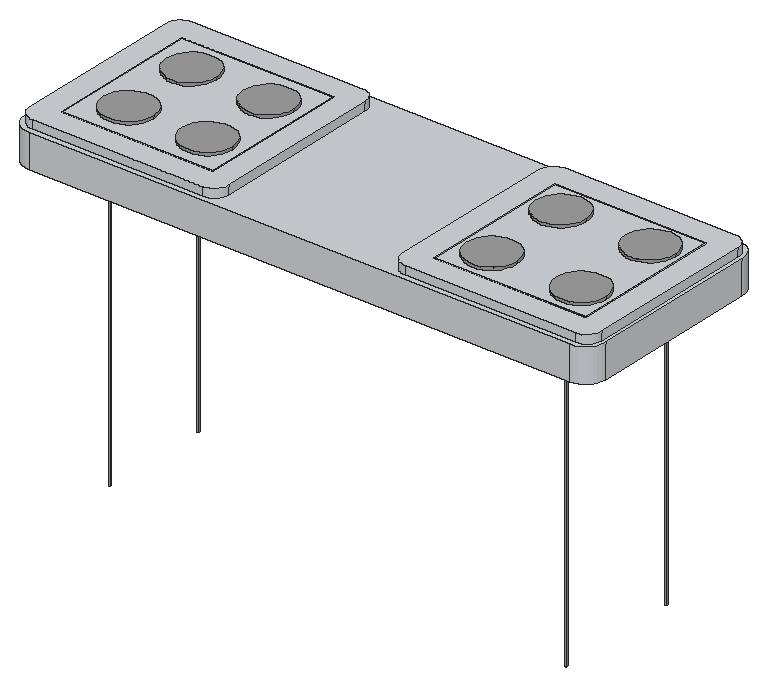
Revit family "Lighting-Industriale-GEWISS-SMART[4]HT_APPARECCHI-LED_2M", category Apparecchi per illuminazione, Revit 2019
Family settings
  Quota connettore circolare = Usa diametro
  Tipo di parte = Normale
  Numero OmniClass = 23.80.70.00
  Titolo OmniClass = Lighting
  Basato su piano di lavoro = Sì
  Sempre verticale = No
  Taglio con vuoti quando caricato = No
  Sorgente d'illuminazione = No
  Condiviso = No
  Punto di calcolo locali = No
Parameters (values of type "GWS4220CQ857 - SMART4HB 2M ST.AL.ON/OFF HT ELL.57K")
  Voltaggio = 230 V
  Viti esterne = "Acciaio inox"
  Versione file RFA = "20.11"
  Vano di alimentazione = "Integrato"
  URL = "https://www.gewiss.com/it/it"
  Tolleranza cromatica = "SDCM = 3"
  Tipologia sorgente luminosa = "LED - Non sostituibile"
  Tipo di installazione e montaggio = "Plafone - Parete - Sospensione"
  Tipo di apparecchio = "Riflettore industriale a LED&nbsp;"
  Tensione di alimentazione = "220 - 240 V"
  Temperatura di stoccaggio = "-40 +70 °C"
  Temperatura di esercizio = "-30°C ÷ +60 °C"
  Temperatura di colore = "5700K"
  Superficie massima esposta al vento : = "0,184 m²"
  Spostamento_y_etichetta [instance] = 0 mm
  Spostamento_y_effettivo_etichetta [instance] = 1500 mm - Spostamento_y_etichetta  # 1500 mm
  Spostamento_x_etichetta [instance] = 0 mm
  Spostamento_X_effettivo_etichetta [instance] = 1500 mm - Spostamento_x_etichetta  # 1500 mm
  SostituibilitÃ  piastra di cablaggio = "Non sostituibile"
  SostituibilitÃ  gruppo ottico = "Non sostituibile"
  Sistema di controllo : = "ON / OFF"
  Sistema di controllo = "ON / OFF"
  Schermo = "Vetro Temprato Spessore 4mm"
  Scheda Tecnica = "https://www.gewiss.com/it/it/search?q=GWS4220CQ857"
  SEO = "High bay"
  Resistenza al filo incandescente = "850 °C"
  Resistenza agli urti = "IK08"
  Produttore = "GEWISS S.p.A."
  Potenza di sistema = "95W"
  Peso (kg): = "6,5"
  Ottica = "Ellittica"
  Offset etichetta W [instance] = 150 mm
  Norma di riferimento = "EN 60598-1 ; EN 60598-2-1 ; EN 60598-2-24"
  Modello = "GWS4220CQ857"
  Materiali = "-"
  Lumen output (lm) = "12300"
  Lampada = "LED"
  Installazione e manutenzione = "-"
  Informazioni generali = "-"
  Indice di resa cromatica = "CRI-80"
  Inclinazione = "Con accessorio staffa"
  Immagine tipo = GWL1311.jpg
  IPEA = "-"
  IFC.TypeObject = ""
  IFC.ExportType = ""
  IFC.ExportAs = ""
  IDT = "49c3e8f37ff04899ac4930bfed1f69ff"
  IDF = "0b8887e8-d9e7-4aa7-96f8-662feaddc128"
  Guarnizioni = "tipo siliconico antinvecchiamento "
  Gruppo ottico = "Riflettore in PC metallizzato e lenti in PMMA"
  Grado di protezione = "IP66"
  Garanzia = "5 anni"
  Gancio di chiusura = "-"
  Frequenza nominale (Hz) = "50/60 Hz"
  Fissaggio = "-"
  Finitura colore = "Grigio RAL 7035"
  Etichetta wattaggio [instance] = yes
  Trasformatore = none
  Struttura plafoniera = none
  Spessore plafoniera = 40 mm  # constant formula
  Default Elevation = 1219.2 mm  # constant formula
  Proiettsmart2_simb [instance] = yes
  Plafoniera bidimensionale [instance] = not(Proiettsmart2_simb)  # no
  Efficienza luminosa (lm/W) = "129"
  Durata di vita = "L90B10 (Tq+25°C) = 100.000 h - L90B10 (Tq+60°C) = 50.000 h"
  Dispositivo di protezione = "DM 6 kV / CM 10 kV"
  Descrizione = "SMART[4]HB 2M ST.AL.ON/OFF HT ELL.57K"
  Creato da GEWISS S.p.A. = ""
  Corpo = "PA6 “Halogen Free” caricato fibra vetro"
  Controllo abbagliamento e luminanza = "-"
  Contesto = "Illuminazione di logistiche e locali produttivi industriali"
  Commenti sul wattaggio = "97W"
  Colore = "Grigio RAL 7035"
  Codice digitale univoco (Datamatrix) = "Datamatrix"
  Codice Electrocod = "2444"
  Classificazione: = "-"
  Classificazione = Lighting
  Classe isolamento = "I"
  Classe fotobiologica = "RG0"
  Certificazioni e classificazioni = "-"
  Certificazione DIN 18032-3 = "-"
  Catalogo = "LIGHTING"
  Carico apparente = 97 VA
  Motore = none
  Mascherina = none
  Lunghezza = 699 mm  # constant formula
  Larghezza = 254 mm  # constant formula
  Distanza_tot_plafoniera [instance] = 350 mm
  Dist_sorg_lum = 10 mm  # constant formula
  Caratteristiche ottiche e illuminotecniche = "-"
  Caratteristiche elettriche e gestione della luce = "-"
  Cablaggio = "Con connettore stagno Gw connect"
  COBie.Tagnumber = ""
  COBie.CreatedOn = ""
  COBie.CreatebBy = ""
  COBie.ComponentRegisterItemID = ""
  COBie.Component.TagNumber = ""
  COBie.Component.Space = ""
  COBie.Component.SerialNumber = ""
  COBie.Component.InstallationDate = ""
  COBie.Component.Description = ""
  COBie.Component.BarCode = ""
  Applicazione = "Interno"
  Apparecchio a ridotta temperatura superficiale = "Si"
  Alimentatore = "Incluso"
Types (8, lengths in mm): name | Temperatura di colore | Scheda Tecnica | SEO | Ottica | Modello | Lumen output (lm) | IDT | Gruppo ottico | Efficienza luminosa (lm/W) | Descrizione | Controllo abbagliamento e luminanza
  GWS4220CH840 - SMART4HB 2M ST.AL.ON/OFF HT 60° 40K | "4000K" | "https://www.gewiss.com/it/it/search?q=GWS4220CH840" | "" | "60°" | "GWS4220CH840" | "13800" | "032348fbbadd4e61adee6f9b35df2f57" | "Riflettore in PC metallizzato e lenti in PMMA" | "145" | "SMART[4]HB 2M ST.AL.ON/OFF HT 60° 40K" | "UGR - 22"
  GWS4220CH857 - SMART4HB 2M ST.AL.ON/OFF HT 60° 57K | "5700K" | "https://www.gewiss.com/it/it/search?q=GWS4220CH857" | "" | "60°" | "GWS4220CH857" | "13800" | "f90f21b9aa8e4c868bb57ac0909551c6" | "Riflettore in PC metallizzato e lenti in PMMA" | "145" | "SMART[4]HB 2M ST.AL.ON/OFF HT 60° 57K" | "UGR - 22"
  GWS4220CP840 - SMART4HB 2M ST.AL.ON/OFF HT 90° 40K | "4000K" | "https://www.gewiss.com/it/it/search?q=GWS4220CP840" | "" | "90°" | "GWS4220CP840" | "13900" | "1f7033b1545a49e28696d86cfd12ef8d" | "Riflettore in PC metallizzato e lenti in PMMA" | "146" | "SMART[4]HB 2M ST.AL.ON/OFF HT 90° 40K" | "UGR - 22"
  GWS4220CP857 - SMART4HB 2M ST.AL.ON/OFF HT 90° 57K | "5700K" | "https://www.gewiss.com/it/it/search?q=GWS4220CP857" | "" | "90°" | "GWS4220CP857" | "13900" | "eee74155124d421e98292017676cf887" | "Riflettore in PC metallizzato e lenti in PMMA" | "146" | "SMART[4]HB 2M ST.AL.ON/OFF HT 90° 57K" | "UGR - 22"
  GWS4220CA840 - SMART4HB 2M ST.AL.ON/OFF HT ARR.40K | "4000K" | "https://www.gewiss.com/it/it/search?q=GWS4220CA840" | "High bay" | "Array" | "GWS4220CA840" | "13800" | "97622a1e53d74260821b7fd23619bd86" | "Riflettore in PC metallizzato" | "145" | "SMART[4]HB 2M ST.AL.ON/OFF HT ARR.40K" | "UGR - 25"
  GWS4220CA857 - SMART4HB 2M ST.AL.ON/OFF HT ARR.57K | "5700K" | "https://www.gewiss.com/it/it/search?q=GWS4220CA857" | "High bay" | "Array" | "GWS4220CA857" | "13800" | "2d03557c56734ff393c7910ae70ae4db" | "Riflettore in PC metallizzato" | "145" | "SMART[4]HB 2M ST.AL.ON/OFF HT ARR.57K" | "UGR - 25"
  GWS4220CQ840 - SMART4HB 2M ST.AL.ON/OFF HT ELL.40K | "4000K" | "https://www.gewiss.com/it/it/search?q=GWS4220CQ840" | "High bay" | "Ellittica" | "GWS4220CQ840" | "12300" | "534499056d164e008ffe52dd9cf93aa9" | "Riflettore in PC metallizzato e lenti in PMMA" | "129" | "SMART[4]HB 2M ST.AL.ON/OFF HT ELL.40K" | "-"
  GWS4220CQ857 - SMART4HB 2M ST.AL.ON/OFF HT ELL.57K | "5700K" | "https://www.gewiss.com/it/it/search?q=GWS4220CQ857" | "High bay" | "Ellittica" | "GWS4220CQ857" | "12300" | "49c3e8f37ff04899ac4930bfed1f69ff" | "Riflettore in PC metallizzato e lenti in PMMA" | "129" | "SMART[4]HB 2M ST.AL.ON/OFF HT ELL.57K" | "-"
Reference planes
  plane 1 "Asse sorgente illuminazione (F/B)": y = 0
  plane 2: z = 0
  plane 3 "Asse sorgente illuminazione (L/R)": x = 0
  plane 4 "Prospetto sorgente di illuminazione": z = 1500
  plane 5: x = -349.5
  plane 6: y = 127
  plane 7: x = 349.5
  plane 8: y = -127
  plane 9: x = 344.5
  plane 10: x = -344.5
  plane 11: x = -104.5
  plane 12: x = 104.5
  plane 13: y = -1500
  plane 14: z = 390
  plane 15: z = 390
  plane 16: z = 400
  plane 17: z = 350
  plane 18: y = 0
  plane 19: x = -1500
  plane 20: x = 0
Dimensions and locks
  equal spacing: plane 6, plane 1 "Asse sorgente illuminazione (F/B)", plane 8
  "Larghezza": plane 6 to plane 8
  equal spacing: plane 5, plane 3 "Asse sorgente illuminazione (L/R)", plane 7
  "Lunghezza": plane 5 to plane 7
  locked: plane 5 to plane 10 at 5
  locked: plane 9 to plane 7 at 5
  locked: plane 16 to plane 14 at 10
  locked: plane 15 to plane 17 at 40
  "Distanza_tot_plafoniera": plane 17 to plane 2
  plane 1 "Asse sorgente illuminazione (F/B)" to plane 13 = 1500 mm
  "Spostamento_y_effettivo_etichetta": plane 18 to plane 13
  plane 19 to plane 3 "Asse sorgente illuminazione (L/R)" = 1500 mm
  "Spostamento_X_effettivo_etichetta": plane 19 to plane 20
  aligned and locked: level to plane 2
  aligned and locked: nested 15 to plane 14
  aligned and locked: plane 14 to nested 16
  aligned and locked: plane 16 to nested 8
  aligned and locked: nested 6 to plane 16
  aligned and locked: plane 16 to nested 7
  aligned and locked: nested 5 to plane 16
  aligned and locked: nested 3 to plane 16
  aligned and locked: plane 16 to nested 1
  aligned and locked: nested 4 to plane 16
  aligned and locked: plane 16 to nested 2
  aligned and locked: nested 11 to plane 2  (x2)
  aligned and locked: nested 10 to plane 2
  aligned and locked: nested 9 to plane 2
  aligned and locked: plane 14 to plane 15
  aligned and locked: plane 17 to nested 14
  aligned and locked: nested 17 to plane 18
  aligned and locked: nested 17 to plane 20
  aligned and locked: plane 2 to nested 18
  aligned and locked: plane 2 to nested 11
Nested families
  nested 1: "Gewis - Led" at (171.717, 52, 403), type "Gewis - Led", detail levels medium+fine
  nested 2: "Gewis - Led" at (279.5, 52, 403), type "Gewis - Led", detail levels medium+fine
  nested 3: "Gewis - Led" at (171.717, -52, 403), type "Gewis - Led", detail levels medium+fine
  nested 4: "Gewis - Led" at (279.5, -52, 403), type "Gewis - Led", detail levels medium+fine
  nested 5: "Gewis - Led" at (-174.5, 45, 403) x (-1, 0, 0) z (0, 0, 1), type "Gewis - Led", detail levels medium+fine
  nested 6: "Gewis - Led" at (-269.5, 47.625, 403) x (-1, 0, 0) z (0, 0, 1), type "Gewis - Led", detail levels medium+fine
  nested 7: "Gewis - Led" at (-174.5, -47.089, 403) x (-1, 0, 0) z (0, 0, 1), type "Gewis - Led", detail levels medium+fine
  nested 8: "Gewis - Led" at (-269.5, -47.089, 403) x (-1, 0, 0) z (0, 0, 1), type "Gewis - Led", detail levels medium+fine
  nested 9: "Sospensione_ SMART LAB 4" at (274.838, 81.5, 0), Altezza sospensione <- "Distanza_tot_plafoniera", type "Sospensione_ SMART LAB 4"
    with Altezza sospensione 350 mm, Default Elevation 350 mm
  nested 10: "Sospensione_ SMART LAB 4" at (274.838, -69, 0), Altezza sospensione <- "Distanza_tot_plafoniera", type "Sospensione_ SMART LAB 4"
    with Altezza sospensione 350 mm, Default Elevation 350 mm
  nested 11: "Sospensione_ SMART LAB 4" at (-276.662, -66.5, 0), Altezza sospensione <- "Distanza_tot_plafoniera", type "Sospensione_ SMART LAB 4"
    with Altezza sospensione 350 mm, Default Elevation 350 mm
  nested 12: "PROIETTSMART - 2" at (0, 0, 0), visible <- "Proiettsmart2_simb", type "PROIETTSMART - 2"
  nested 13: "Rappr_ bidimensionale_SMART (4)  4 + 4 L " at (0, 0, 0), visible <- "Plafoniera bidimensionale", type "SMART (4)  4 + 4 L_bidimensionale "
  nested 14: "Struttura_SMART 4" at (0, 0, 390), type "SMART 4 HB - 4+4L"
  nested 15: "mascherina_SMART (4)" at (-224.5, 0, 400) x (-1, 0, 0) z (0, 0, 1), type "Maschera_smart (4) 4L", detail levels fine
  nested 16: "mascherina_SMART (4)" at (224.5, 0, 400), type "Maschera_smart (4) 4L", detail levels fine
  nested 17: "ETICHETTA LIGHT" at (0, 0, 0), type "ETICHETTA LIGHT"
  nested 18: "Sospensione_ SMART LAB 4" at (-276.662, 66.5, 0), Altezza sospensione <- "Distanza_tot_plafoniera", type "Sospensione_ SMART LAB 4"
    with Altezza sospensione 350 mm, Default Elevation 350 mm
Connectors
  electrical at (0.009, -0.098, 350), driven by "Carico apparente"
    settings: on nested 14, index 1, voltage 230 V, apparent load 0 VA, apparent load phase1 97 VA, apparent load phase2 0 VA, apparent load phase3 0 VA, power factor 1, load classification "Lighting", number of poles 2, system type 31, power factor state 1, is connector primary yes, connector utility no, sub classification motor no, connector description ""
Definition of nested family "Gewis - Led"
  Parameters (values of type "Gewis - Led")
    Vetro = none
    Raggio led = 30 mm
    Default Elevation = 1219.2 mm
    Estensione vetro = 3 mm
  Reference planes
    plane 1 "Centro (Fronte/Retro)": y = 0
    plane 2: z = 0
    plane 3 "Centro (Sinistra/Destra)": x = 0
  Forms (mm)
    Extrusion 1, solid, material <- "Vetro"
      sketch origin (0, 0, 0) x (1, 0, 0) y (0, 1, 0)
        loop
          circle (0, 0) r 30
      from -3 to 0
  Dimensions and locks
    "Estensione vetro": level to Extrusion 1
    "Raggio led": radius of Extrusion 1 sketch curve
    aligned and locked: level to plane 2
    aligned and locked: level to Extrusion 1
  Automatic sketch dimensions
    plane 1 "Centro (Fronte/Retro)" to Extrusion 1 sketch curve = 0 mm
    Extrusion 1 sketch curve to plane 3 "Centro (Sinistra/Destra)" = 0 mm
Definition of nested family "Sospensione_ SMART LAB 4"
  Parameters (values of type "Sospensione_ SMART LAB 4")
    Default Elevation = 400 mm
    Altezza sospensione [instance] = 500 mm
  Reference planes
    plane 1 "Center (Front/Back)": y = 0
    plane 2: z = 0
    plane 3 "Center (Left/Right)": x = 0
    plane 4: z = 500
    plane 5: z = 30.7
  Forms (mm)
    Extrusion 1, solid
      sketch origin (0, 0, 0) x (1, 0, 0) y (0, 1, 0)
        loop
          circle (0, -0.028) r 1.25
      from 0 to 500
  Lines and regions (mm)
    model lines, not visible
      curve 1: line (0, 0, 0) -> (0, 0, 9.482)
  Dimensions and locks
    "Altezza sospensione": plane 4 to level
    plane 2 to plane 4 = 500 mm
    aligned and locked: level to plane 2
    aligned and locked: Extrusion 1 to plane 2
    aligned and locked: plane 4 to Extrusion 1
  Automatic sketch dimensions
    Extrusion 1 sketch curve to plane 3 "Center (Left/Right)" = 0 mm
    plane 1 "Center (Front/Back)" to Extrusion 1 sketch curve = 0.028 mm
    curve 1 to plane 3 "Center (Left/Right)" = 0 mm
    curve 1 to level = 0 mm
    curve 1 to curve 1 = 9.482 mm
    radius of Extrusion 1 sketch curve = 1.25 mm
Definition of nested family "Struttura_SMART 4"
  Parameters (values of type "SMART 4 HB - 4+4L")
    Struttura plafoniera = none
    Spessore_plafoniera = 40 mm
    Lunghezza = 699 mm
    Larghezza = 254 mm
  Types (2, lengths in mm): name | Lunghezza | Larghezza
    SMART Lab (4) 4L | 383 | 253
    SMART 4 HB - 4+4L | 699 | 254
  Reference planes
    plane 1 "Asse sorgente illuminazione (F/B)": y = 0
    plane 2: z = 0
    plane 3 "Asse sorgente illuminazione (L/R)": x = 0
    plane 4 "Prospetto sorgente di illuminazione": z = -40
    plane 5 "SX": x = -349.5
    plane 6 "DX": x = 349.5
    plane 7 "DIETRO": y = 127
    plane 8 "AVANTI": y = -127
    plane 9: x = 106.5
    plane 10: x = 338.5
    plane 11: y = -116
    plane 12: y = 116
    plane 13: x = -338.5
    plane 14: x = -106.5
  Forms (mm)
    Extrusion 1, solid, material <- "Struttura plafoniera"
      sketch origin (0, 0, 0) x (1, 0, 0) y (0, 1, 0)
        loop
          line (349.5, -102.595) -> (349.5, 102.59)
          arc (349.5, 102.59) -> (342.35, 119.85) -> (325.09, 127) r 24.41
          line (325.09, 127) -> (-325.009, 127)
          arc (-325.009, 127) -> (-342.554, 119.6) -> (-349.5, 101.871) r 24.499
          line (-349.5, 101.871) -> (-349.5, -102.592)
          arc (-349.5, -102.592) -> (-342.351, -119.851) -> (-325.092, -127) r 24.408
          line (-325.092, -127) -> (325.117, -127)
          arc (325.117, -127) -> (342.334, -119.868) -> (349.465, -102.652) r 24.348
      from -40 to 0
  Dimensions and locks
    equal spacing: plane 5 "SX", plane 3 "Asse sorgente illuminazione (L/R)", plane 6 "DX"
    equal spacing: plane 7 "DIETRO", plane 1 "Asse sorgente illuminazione (F/B)", plane 8 "AVANTI"
    "Lunghezza": plane 5 "SX" to plane 6 "DX"
    "Larghezza": plane 7 "DIETRO" to plane 8 "AVANTI"
    locked: plane 7 "DIETRO" to plane 12 at 11
    locked: plane 11 to plane 8 "AVANTI" at 11
    locked: plane 10 to plane 6 "DX" at 11
    locked: plane 9 to plane 10 at 232
    plane 13 to plane 14 = 232 mm
    locked: plane 5 "SX" to plane 13 at 11
    "Spessore_plafoniera": plane 2 to plane 4 "Prospetto sorgente di illuminazione"
    aligned and locked: level to plane 2
    aligned and locked: Extrusion 1 to plane 5 "SX"
    aligned and locked: Extrusion 1 to plane 8 "AVANTI"  (x2)
    aligned and locked: plane 7 "DIETRO" to Extrusion 1
    aligned and locked: plane 6 "DX" to Extrusion 1
    aligned and locked: plane 4 "Prospetto sorgente di illuminazione" to Extrusion 1
    aligned and locked: plane 2 to Extrusion 1
  Automatic sketch dimensions
    Extrusion 1 sketch curve to plane 5 "SX" = 0 mm
    Extrusion 1 sketch curve to plane 8 "AVANTI" = 0 mm
    Extrusion 1 sketch curve to plane 7 "DIETRO" = 0 mm
    Extrusion 1 sketch curve to plane 6 "DX" = 0 mm
    plane 13 to Extrusion 1 sketch curve = 13.408 mm
    plane 13 to Extrusion 1 sketch curve = 13.491 mm
    Extrusion 1 sketch curve to plane 10 = 13.41 mm
    Extrusion 1 sketch curve to plane 10 = 13.383 mm
    plane 11 to Extrusion 1 sketch curve = 13.348 mm
    Extrusion 1 sketch curve to plane 12 = 14.129 mm
    Extrusion 1 sketch curve to Extrusion 1 sketch curve = 0.056 mm
Definition of nested family "mascherina_SMART (4)"
  Parameters (values of type "Maschera_smart (4) 4L")
    Spessore_mascherina = 10 mm
    Default Elevation = 1219.2 mm
    N.intarsi = (Lunghezza_mascherina - (Bordo * 2)) / 15 mm  # 12
    N._intarsi verticale = (Larghezza_mascherina - (Bordo * 2)) / 17 mm  # 11
    Mascherina = none
    Lunghezza_mascherina = 240 mm
    Larghezza_mascherina = 240 mm
    Distanza_intarsi v. = 41 mm  # constant formula
    Distanza_intarsi = 37 mm  # constant formula
    Bordo = 29 mm
  Reference planes
    plane 1 "Centro (Fronte/Retro)": y = 0
    plane 2: z = 0
    plane 3 "Centro (Sinistra/Destra)": x = 0
    plane 4: x = -120
    plane 5 "Dietro": y = 120
    plane 6: x = 120
    plane 7: y = -120
    plane 8: x = -91
    plane 9: y = -91
    plane 10: x = 91
    plane 11: y = 91
    plane 12: x = -83
    plane 13: y = 94.742
    plane 14: y = -95
    plane 15: z = -10
    plane 16: x = -95
    plane 17: y = 79
    plane 18: y = -79
    plane 19: x = 95
    plane 20: z = -4.799
  Forms (mm)
    Extrusion 1, solid, material <- "Mascherina"
      sketch origin (0, 0, 0) x (1, 0, 0) y (0, 1, 0)
        loop
          arc (-102.5, 120) -> (-114.874, 114.874) -> (-120, 102.5) r 17.5
          line (-120, 102.5) -> (-120, -102.5)
          arc (-120, -102.5) -> (-114.874, -114.874) -> (-102.5, -120) r 17.5
          line (-102.5, -120) -> (102.5, -120)
          arc (102.5, -120) -> (114.874, -114.874) -> (120, -102.5) r 17.5
          line (120, -102.5) -> (120, 102.5)
          arc (120, 102.5) -> (114.874, 114.874) -> (102.5, 120) r 17.5
          line (102.5, 120) -> (-102.5, 120)
        loop
          line (-91, 91) -> (-91, -91) -> (91, -91) -> (91, 91) -> (-91, 91)
      from -10 to 0
    Extrusion 2, solid, material <- "Mascherina"
      sketch origin (0, 0, 0) x (1, 0, 0) y (0, 1, 0)
        loop
          line (-91, 91) -> (-91, -91) -> (91, -91) -> (91, 91) -> (-91, 91)
      from -4.799 to 0
  Dimensions and locks
    equal spacing: plane 4, plane 3 "Centro (Sinistra/Destra)", plane 6
    "Lunghezza_mascherina": plane 4 to plane 6
    equal spacing: plane 5 "Dietro", plane 1 "Centro (Fronte/Retro)", plane 7
    "Larghezza_mascherina": plane 5 "Dietro" to plane 7
    "Bordo": plane 4 to plane 8
    "Bordo": plane 9 to plane 7
    "Bordo": plane 5 "Dietro" to plane 11
    "Bordo": plane 10 to plane 6
    "Distanza_intarsi": plane 4 to plane 12
    locked: plane 13 to plane 11 at 3.742
    "Spessore_mascherina": plane 2 to plane 15
    "Distanza_intarsi v.": plane 5 "Dietro" to plane 17
    "Distanza_intarsi v.": plane 18 to plane 7
    locked: plane 9 to plane 14 at 4
    locked: plane 16 to plane 8 at 4
    locked: plane 10 to plane 19 at 4
    locked: plane 2 to plane 20 at 4.799
    radius of Extrusion 1 sketch curve = 17.5 mm  (x4)
    aligned and locked: level to plane 2
    aligned and locked: plane 4 to Extrusion 1 sketch curve
    aligned and locked: plane 6 to Extrusion 1 sketch curve
    aligned and locked: Extrusion 1 sketch curve to plane 5 "Dietro"
    aligned and locked: Extrusion 1 sketch curve to plane 7
    aligned and locked: Extrusion 1 sketch curve to plane 11
    aligned and locked: plane 8 to Extrusion 1 sketch curve
    aligned and locked: plane 9 to Extrusion 1 sketch curve
    aligned and locked: Extrusion 1 sketch curve to plane 10
    aligned and locked: plane 2 to Extrusion 1
    aligned and locked: Extrusion 1 to plane 15
    aligned and locked: Extrusion 2 sketch curve to plane 10
    aligned and locked: plane 9 to Extrusion 2 sketch curve
    aligned and locked: plane 8 to Extrusion 2 sketch curve
    aligned and locked: Extrusion 2 sketch curve to plane 11
    aligned and locked: plane 2 to Extrusion 2
    aligned and locked: Extrusion 2 to plane 20
Definition of nested family "PROIETTSMART - 2"
  Reference planes
    plane 1 "Centro (Fronte/Retro)": y = 0
    plane 2: z = 0
    plane 3 "Centro (Sinistra/Destra)": x = 0
  Lines and regions (mm)
    model lines, in view "Livello rif."
      curve 1: line (87.132, -21.515, 0) -> (43.932, -0.008, 0)
      curve 2: line (43.932, -0.008, 0) -> (87.132, 21.758, 0)
      curve 3: line (87.132, 21.758, 0) -> (87.132, -21.515, 0)
      curve 4: line (43.932, 21.629, 0) -> (43.932, -21.645, 0)
      curve 5: line (43.932, -0.008, 0) -> (18.672, -0.008, 0)
      curve 6: line (87.132, 0.122, 0) -> (105.785, 0.122, 0)
      curve 7: line (128.701, 66.747, 0) -> (128.701, -66.747, 0)
      curve 8: line (128.701, -66.747, 0) -> (-131.299, -66.747, 0)
      curve 9: line (-131.299, -66.747, 0) -> (-131.299, 66.747, 0)
      curve 10: line (-131.299, 66.747, 0) -> (128.701, 66.747, 0)
      curve 11: line (12.311, 49.667, 0) -> (111.66, 49.667, 0)
      curve 12: line (111.66, 49.667, 0) -> (111.66, -49.683, 0)
      curve 13: line (111.66, -49.683, 0) -> (12.311, -49.683, 0)
      curve 14: line (12.311, -49.683, 0) -> (12.311, 49.667, 0)
      curve 15: line (-39.438, -21.515, 0) -> (-82.637, -0.008, 0)
      curve 16: line (-82.637, -0.008, 0) -> (-39.438, 21.758, 0)
      curve 17: line (-39.438, 21.758, 0) -> (-39.438, -21.515, 0)
      curve 18: line (-82.637, 21.629, 0) -> (-82.637, -21.645, 0)
      curve 19: line (-82.637, -0.008, 0) -> (-107.898, -0.008, 0)
      curve 20: line (-39.438, 0.122, 0) -> (-20.785, 0.122, 0)
      curve 21: line (-114.259, 49.667, 0) -> (-14.909, 49.667, 0)
      curve 22: line (-14.909, 49.667, 0) -> (-14.909, -49.683, 0)
      curve 23: line (-14.909, -49.683, 0) -> (-114.259, -49.683, 0)
      curve 24: line (-114.259, -49.683, 0) -> (-114.259, 49.667, 0)
Definition of nested family "Rappr_ bidimensionale_SMART (4)  4 + 4 L "
  Reference planes
    plane 1 "Centro (Fronte/Retro)": y = 0
    plane 2: z = 0
    plane 3 "Centro (Sinistra/Destra)": x = 0
  Lines and regions (mm)
    model lines, in view "Livello rif."
      curve 1: circle (175.602, 47.039, 0) r 28.619 normal (0, 0, 1)
      curve 2: circle (269.602, -46.961, 0) r 28.619 normal (0, 0, 1)
      curve 3: circle (175.602, -46.961, 0) r 28.619 normal (0, 0, 1)
      curve 4: circle (269.602, 47.039, 0) r 28.619 normal (0, 0, 1)
      curve 5: arc (103.203, -104.051, 0) -> (107.722, -114.924, 0) -> (118.601, -119.425, 0) r 15.398
      curve 6: arc (-118.547, -119.425, 0) -> (-107.659, -114.915, 0) -> (-103.149, -104.027, 0) r 15.398
      curve 7: arc (-103.149, 103.973, 0) -> (-107.668, 114.87, 0) -> (-118.571, 119.371, 0) r 15.398
      curve 8: arc (-326.571, 119.371, 0) -> (-337.453, 114.844, 0) -> (-341.945, 103.948, 0) r 15.398
      curve 9: arc (-341.945, -104.002, 0) -> (-337.444, -114.906, 0) -> (-326.547, -119.425, 0) r 15.398
      curve 10: arc (326.601, -119.425, 0) -> (337.498, -114.906, 0) -> (342, -104.002, 0) r 15.398
      curve 11: arc (342, 103.998, 0) -> (337.472, 114.878, 0) -> (326.577, 119.371, 0) r 15.398
      curve 12: arc (118.577, 119.371, 0) -> (107.713, 114.861, 0) -> (103.203, 103.997, 0) r 15.398
      curve 13: arc (-349.401, -104, 0) -> (-342.727, -120.168, 0) -> (-326.575, -126.881, 0) r 22.854
      curve 14: arc (-326.574, 126.827, 0) -> (-342.707, 120.133, 0) -> (-349.401, 104, 0) r 22.854
      curve 15: arc (349.455, 104, 0) -> (342.742, 120.152, 0) -> (326.574, 126.827, 0) r 22.854
      curve 16: arc (326.573, -126.881, 0) -> (342.761, -120.187, 0) -> (349.455, -104, 0) r 22.854
      curve 17: circle (-175.548, -47.093, 0) r 28.619 normal (0, 0, 1)
      curve 18: circle (-269.548, 46.907, 0) r 28.619 normal (0, 0, 1)
      curve 19: circle (-175.548, 46.907, 0) r 28.619 normal (0, 0, 1)
      curve 20: circle (-269.548, -47.093, 0) r 28.619 normal (0, 0, 1)
      curve 21: line (130.101, -92.527, 0) -> (130.101, 92.473, 0)
      curve 22: line (130.101, 92.473, 0) -> (315.101, 92.473, 0)
      curve 23: line (315.101, 92.473, 0) -> (315.101, -92.527, 0)
      curve 24: line (315.101, -92.527, 0) -> (130.101, -92.527, 0)
      curve 25: line (103.203, -104.051, 0) -> (103.203, 103.997, 0)
      curve 26: line (118.601, -119.425, 0) -> (326.601, -119.425, 0)
      curve 27: line (-326.547, -119.425, 0) -> (-118.547, -119.425, 0)
      curve 28: line (-103.149, -104.027, 0) -> (-103.149, 103.973, 0)
      curve 29: line (-326.571, 119.371, 0) -> (-118.571, 119.371, 0)
      curve 30: line (-341.945, -104.002, 0) -> (-341.945, 103.948, 0)
      curve 31: line (342, -104.002, 0) -> (342, 103.998, 0)
      curve 32: line (118.577, 119.371, 0) -> (326.577, 119.371, 0)
      curve 33: line (-349.401, -104, 0) -> (-349.401, 104, 0)
      curve 34: line (326.574, 126.827, 0) -> (-326.574, 126.827, 0)
      curve 35: line (349.455, -104, 0) -> (349.455, 104, 0)
      curve 36: line (326.573, -126.881, 0) -> (-326.575, -126.881, 0)
      curve 37: line (-130.047, -92.527, 0) -> (-315.047, -92.527, 0)
      curve 38: line (-315.047, -92.527, 0) -> (-315.047, 92.473, 0)
      curve 39: line (-315.047, 92.473, 0) -> (-130.047, 92.473, 0)
      curve 40: line (-130.047, 92.473, 0) -> (-130.047, -92.527, 0)
Definition of nested family "ETICHETTA LIGHT"
  Parameters (values of type "ETICHETTA LIGHT")
    COMMENTI = "236W"
  Reference planes
    plane 1: y = 0
    plane 2: x = 0
  Text (mm)
    label "COMMENTI" at (-0.057, 0.105, 0), shows "COMMENTI"
